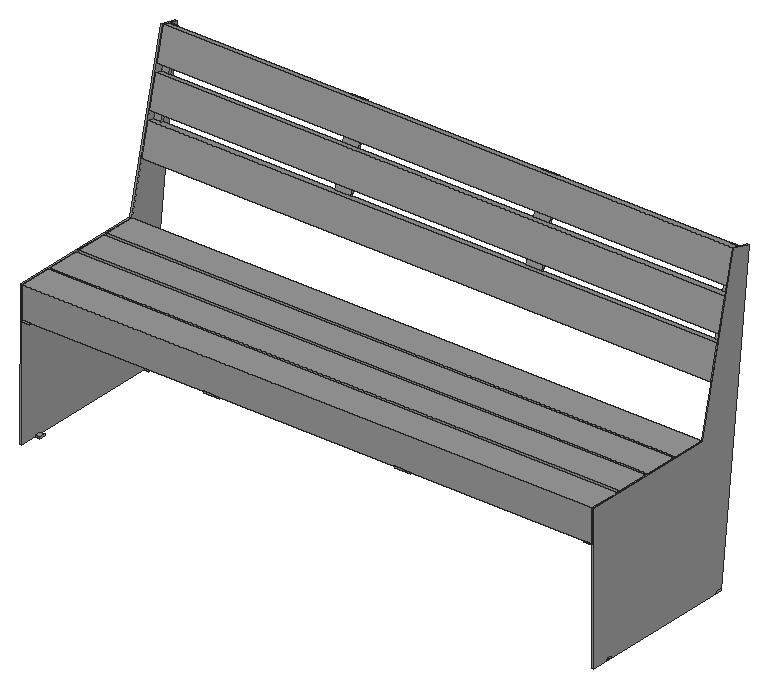
Revit family "Скамейка стальная «Ташкент» Арт 27136", category Антураж, Revit 2018
Family settings
  На основе рабочей плоскости = Нет
  Всегда вертикально = Да
  При загрузке вырезать с полостями = Нет
  Источник визуального образа = Геометрия семейства
  Общий = Нет
  Точка расчета площади = Нет
Parameters (values of type "Скамейка стальная «Ташкент»")
  Ширина = 608 mm  # constant formula
  Цвет опор = Сталь
  Цвет лавки = Дерево
  Описание = "Скамейка стальная «Ташкент»"  # constant formula
  Материал изделия = "Сталь, дерево"  # constant formula
  Изображение типоразмера = Скамейка стальная «Ташкент» Арт 27136.jpg
  Изготовитель = "ООО «Хоббика»"  # constant formula
  Длина = 1800 mm  # constant formula
  Группа модели = "Скамейки"  # constant formula
  Высота = 940 mm  # constant formula
  Артикул товара = "Арт. 27136"  # constant formula
  URL = "https://hobbyka.ru/product/skameyka_stalnaya_tashkent/"
Reference planes
  plane 1 "По центру (Вперед/Назад)": y = 0
  plane 2: z = 0
  plane 3 "По центру (Влево/Вправо)": x = 0
  plane 4: y = 608
  plane 5: x = 1800
  plane 6: z = 940
Forms (mm)
  Extrusion 1, solid, material "Сталь" <- "Цвет опор"
    sketch origin (0, 0, 0) x (0, 1, 0) y (0, 0, 1)
      loop
        line (553, 940) -> (430, 450) -> (0, 450) -> (0, 0) -> (500, 0) -> (608, 925.263) -> (553, 940)
    from 0 to 5
  Extrusion 2, solid, material "Сталь" <- "Цвет опор"
    sketch origin (0, 0, 0) x (1, 0, 0) y (0, 1, 0)
      loop
        line (0, 70) -> (0, 50) -> (20, 50) -> (20, 70) -> (0, 70)
      loop
        line (0, 500) -> (0, 480) -> (20, 480) -> (20, 500) -> (0, 500)
    from 0 to 5
  Extrusion 3, solid, material "Сталь" <- "Цвет опор"
    sketch origin (0, 0, 0) x (0, 1, 0) y (0, 0, 1)
      loop
        line (577.151, 933.529) -> (491.935, 594.048) -> (496.765, 592.754) -> (581.981, 932.234) -> (577.151, 933.529)
      loop
        line (430, 350) -> (0, 350) -> (0, 345) -> (430, 345) -> (430, 350)
    from 5 to 30
  Extrusion 4, solid, material "Сталь" <- "Цвет опор"
    sketch origin (1800, 0, 0) x (0, 1, 0) y (0, 0, -1)
      loop
        line (553, -940) -> (608, -925.263) -> (500, 0) -> (0, 0) -> (0, -450) -> (430, -450) -> (553, -940)
    from 0 to 5
  Extrusion 5, solid, material "Сталь" <- "Цвет опор"
    sketch origin (1800, 0, 0) x (-1, 0, 0) y (0, -1, 0)
      loop
        line (0, -70) -> (20, -70) -> (20, -50) -> (0, -50) -> (0, -70)
      loop
        line (0, -500) -> (20, -500) -> (20, -480) -> (0, -480) -> (0, -500)
    from 0 to 5
  Extrusion 6, solid, material "Сталь" <- "Цвет опор"
    sketch origin (1800, 0, 0) x (0, 1, 0) y (0, 0, -1)
      loop
        line (430, -350) -> (430, -345) -> (0, -345) -> (0, -350) -> (430, -350)
      loop
        line (496.765, -592.754) -> (491.935, -594.048) -> (577.151, -933.529) -> (581.981, -932.234) -> (496.765, -592.754)
    from 5 to 30
  Extrusion 7, solid, material "Дерево" <- "Цвет лавки"
    sketch origin (0, 0, 0) x (0, 1, 0) y (0, 0, 1)
      loop
        line (553, 940) -> (528.65, 842.997) -> (552.801, 836.526) -> (577.151, 933.529) -> (553, 940)
      loop
        line (522.567, 818.761) -> (498.217, 721.758) -> (522.368, 715.287) -> (546.718, 812.29) -> (522.567, 818.761)
      loop
        line (492.133, 697.523) -> (467.783, 600.52) -> (491.935, 594.048) -> (516.284, 691.051) -> (492.133, 697.523)
    from 5 to 1795
  Extrusion 8, solid, material "Дерево" <- "Цвет лавки"
    sketch origin (0, 0, 0) x (0, 1, 0) y (0, 0, 1)
      loop
        line (0, 450) -> (0, 350) -> (100, 350) -> (100, 450) -> (0, 450)
    from 5 to 1795
  Extrusion 9, solid, material "Дерево" <- "Цвет лавки"
    sketch origin (0, 330, 0) x (0, 1, 0) y (0, 0, 1)
      loop
        line (0, 450) -> (0, 350) -> (100, 350) -> (100, 450) -> (0, 450)
    from 5 to 1795
  Extrusion 10, solid, material "Дерево" <- "Цвет лавки"
    sketch origin (0, 110, 0) x (0, 1, 0) y (0, 0, 1)
      loop
        line (0, 450) -> (0, 350) -> (100, 350) -> (100, 450) -> (0, 450)
    from 5 to 1795
  Extrusion 11, solid, material "Дерево" <- "Цвет лавки"
    sketch origin (0, 220, 0) x (0, 1, 0) y (0, 0, 1)
      loop
        line (0, 450) -> (0, 350) -> (100, 350) -> (100, 450) -> (0, 450)
    from 5 to 1795
  Extrusion 12, solid, material "Сталь" <- "Цвет опор"
    sketch origin (0, 0, 0) x (0, 1, 0) y (0, 0, 1)
      loop
        line (577.151, 933.529) -> (491.935, 594.048) -> (496.765, 592.754) -> (581.981, 932.234) -> (577.151, 933.529)
      loop
        line (430, 350) -> (0, 350) -> (0, 345) -> (430, 345) -> (430, 350)
    from 575 to 625
  Extrusion 13, solid, material "Сталь" <- "Цвет опор"
    sketch origin (0, 0, 0) x (0, 1, 0) y (0, 0, 1)
      loop
        line (577.151, 933.529) -> (491.935, 594.048) -> (496.765, 592.754) -> (581.981, 932.234) -> (577.151, 933.529)
      loop
        line (430, 350) -> (0, 350) -> (0, 345) -> (430, 345) -> (430, 350)
    from 1175 to 1225
Cuts and joins
  joined: Extrusion 1, Extrusion 2, Extrusion 3
Dimensions and locks
  "Длина": plane 5 to plane 3 "По центру (Влево/Вправо)"
  "Ширина": plane 4 to plane 1 "По центру (Вперед/Назад)"
  "Высота": plane 6 to plane 2
  equal spacing: group 1, group 3, group 4, group 2  (x3)
  aligned and locked: level to plane 2
Automatic sketch dimensions
  Extrusion 8 sketch curve to Extrusion 8 sketch curve = 100 mm  (x2)
  Extrusion 9 sketch curve to Extrusion 9 sketch curve = 100 mm  (x2)
  Extrusion 10 sketch curve to Extrusion 10 sketch curve = 100 mm  (x2)
  Extrusion 11 sketch curve to Extrusion 11 sketch curve = 100 mm  (x2)
  Extrusion 1 sketch curve to plane 1 "По центру (Вперед/Назад)" = 0 mm
  Extrusion 1 sketch curve to level = 0 mm
  Extrusion 1 sketch curve to plane 6 = 0 mm
  Extrusion 1 sketch curve to plane 4 = 0 mm
  Extrusion 1 sketch curve to plane 4 = 178 mm
  Extrusion 1 sketch curve to plane 4 = 108 mm
  Extrusion 1 sketch curve to plane 4 = 55 mm
  level to Extrusion 1 sketch curve = 450 mm
  Extrusion 1 sketch curve to plane 6 = 14.737 mm
  Extrusion 2 sketch curve to plane 3 "По центру (Влево/Вправо)" = 0 mm  (x2)
  plane 3 "По центру (Влево/Вправо)" to Extrusion 2 sketch curve = 20 mm  (x2)
  Extrusion 2 sketch curve to plane 1 "По центру (Вперед/Назад)" = 50 mm
  Extrusion 2 sketch curve to Extrusion 2 sketch curve = 20 mm  (x2)
  Extrusion 2 sketch curve to plane 4 = 128 mm
  Extrusion 3 sketch curve to plane 1 "По центру (Вперед/Назад)" = 0 mm
  Extrusion 3 sketch curve to plane 4 = 178 mm
  Extrusion 3 sketch curve to plane 4 = 116.065 mm
  Extrusion 3 sketch curve to Extrusion 3 sketch curve = 4.83 mm  (x2)
  Extrusion 3 sketch curve to plane 6 = 6.471 mm
  Extrusion 3 sketch curve to plane 4 = 30.849 mm
  Extrusion 3 sketch curve to plane 6 = 7.766 mm
  Extrusion 3 sketch curve to plane 6 = 345.952 mm
  Extrusion 3 sketch curve to Extrusion 3 sketch curve = 1.294 mm
  Extrusion 3 sketch curve to Extrusion 3 sketch curve = 242.754 mm
  Extrusion 3 sketch curve to Extrusion 3 sketch curve = 5 mm
  Extrusion 4 sketch curve to plane 1 "По центру (Вперед/Назад)" = 0 mm
  Extrusion 4 sketch curve to level = 0 mm
  Extrusion 4 sketch curve to plane 6 = 0 mm
  Extrusion 4 sketch curve to plane 4 = 0 mm
  Extrusion 4 sketch curve to plane 4 = 178 mm
  Extrusion 4 sketch curve to plane 4 = 108 mm
  Extrusion 4 sketch curve to plane 4 = 55 mm
  Extrusion 4 sketch curve to plane 6 = 14.737 mm
  level to Extrusion 4 sketch curve = 450 mm
  Extrusion 5 sketch curve to plane 5 = 0 mm  (x2)
  Extrusion 5 sketch curve to Extrusion 5 sketch curve = 20 mm  (x4)
  plane 1 "По центру (Вперед/Назад)" to Extrusion 5 sketch curve = 50 mm
  plane 4 to Extrusion 5 sketch curve = 128 mm
  Extrusion 6 sketch curve to plane 1 "По центру (Вперед/Назад)" = 0 mm
  Extrusion 6 sketch curve to plane 4 = 178 mm
  Extrusion 6 sketch curve to plane 4 = 116.065 mm
  Extrusion 6 sketch curve to Extrusion 6 sketch curve = 4.83 mm  (x2)
  Extrusion 6 sketch curve to plane 6 = 6.471 mm
  Extrusion 6 sketch curve to plane 4 = 30.849 mm
  Extrusion 6 sketch curve to plane 6 = 7.766 mm
  Extrusion 6 sketch curve to plane 6 = 345.952 mm
  Extrusion 6 sketch curve to Extrusion 6 sketch curve = 1.294 mm
  Extrusion 6 sketch curve to Extrusion 6 sketch curve = 242.754 mm
  Extrusion 6 sketch curve to Extrusion 6 sketch curve = 5 mm
  Extrusion 7 sketch curve to plane 6 = 0 mm
  Extrusion 7 sketch curve to plane 4 = 140.217 mm
  Extrusion 7 sketch curve to Extrusion 7 sketch curve = 24.151 mm  (x4)
  Extrusion 7 sketch curve to Extrusion 7 sketch curve = 24.35 mm
  Extrusion 7 sketch curve to Extrusion 7 sketch curve = 6.084 mm  (x4)
  Extrusion 7 sketch curve to plane 4 = 85.433 mm
  Extrusion 7 sketch curve to plane 4 = 55 mm
  Extrusion 7 sketch curve to plane 6 = 6.471 mm
  Extrusion 7 sketch curve to plane 6 = 97.003 mm
  Extrusion 7 sketch curve to Extrusion 7 sketch curve = 6.471 mm  (x3)
  Extrusion 7 sketch curve to Extrusion 7 sketch curve = 24.236 mm  (x4)
  Extrusion 7 sketch curve to Extrusion 7 sketch curve = 97.003 mm  (x2)
  Extrusion 12 sketch curve to plane 1 "По центру (Вперед/Назад)" = 0 mm
  Extrusion 12 sketch curve to plane 4 = 178 mm
  Extrusion 12 sketch curve to plane 4 = 116.065 mm
  Extrusion 12 sketch curve to Extrusion 12 sketch curve = 4.83 mm  (x2)
  Extrusion 12 sketch curve to plane 6 = 6.471 mm
  Extrusion 12 sketch curve to plane 4 = 30.849 mm
  Extrusion 12 sketch curve to plane 6 = 7.766 mm
  Extrusion 12 sketch curve to plane 6 = 345.952 mm
  Extrusion 12 sketch curve to Extrusion 12 sketch curve = 1.294 mm
  Extrusion 12 sketch curve to Extrusion 12 sketch curve = 242.754 mm
  Extrusion 12 sketch curve to Extrusion 12 sketch curve = 5 mm
  Extrusion 13 sketch curve to plane 1 "По центру (Вперед/Назад)" = 0 mm
  Extrusion 13 sketch curve to plane 4 = 178 mm
  Extrusion 13 sketch curve to plane 4 = 116.065 mm
  Extrusion 13 sketch curve to Extrusion 13 sketch curve = 4.83 mm  (x2)
  Extrusion 13 sketch curve to plane 6 = 6.471 mm
  Extrusion 13 sketch curve to plane 4 = 30.849 mm
  Extrusion 13 sketch curve to plane 6 = 7.766 mm
  Extrusion 13 sketch curve to plane 6 = 345.952 mm
  Extrusion 13 sketch curve to Extrusion 13 sketch curve = 1.294 mm
  Extrusion 13 sketch curve to Extrusion 13 sketch curve = 242.754 mm
  Extrusion 13 sketch curve to Extrusion 13 sketch curve = 5 mm
